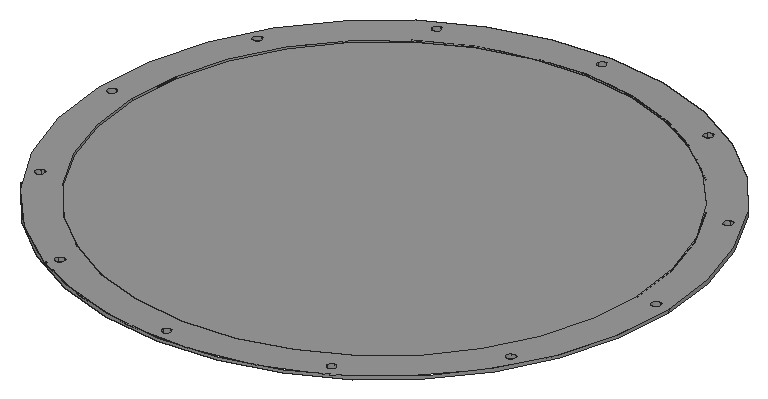
Revit family "SZ-AF", category Арматура воздуховодов, Revit 2021
Family settings
  Размер круглого соединителя = Использовать диаметр
  Тип детали = Присоединяется
  На основе рабочей плоскости = Нет
  Всегда вертикально = Да
  При загрузке вырезать с полостями = Нет
  Общий = Нет
Parameters (values of type "SZ-AF-900")
  Weight = 3.83 kg
  Load Classification = "HVAC"
  Height = 6 mm  # constant formula
  Diameter = D2  # 1015 mm
  Отметка по умолчанию = 0 mm
  Изготовитель = "BLAUBERG"  # constant formula
  n = 16
  URL = ""
  R1 = D1 / 2  # 485 mm
  d = 15 mm
  Maintenance zone material = none
  Grid Material = Mesh, steel, painted RAL 7040
  Dy = 900 mm
  D2 = 1015 mm
  D1 = 970 mm
  Casing Material = Metal, painted, grey, matt RAL 7040
  09_System_Name [instance] = ""
  00_20_Type = "SZ-AF-900"
  00_20_Name = "Protective mesh"  # constant formula
  00_20_Manufacturer = "BLAUBERG"  # constant formula
Types (12, lengths in mm): name | Weight | Diameter | n | R1 | d | Dy | D2 | D1 | 00_20_Type
  (no name) | 3.83 kg | 1015 | 16 | 485 | 15 | 900 | 1015 | 970 | "SZ-AF-900"
  SZ-AF-400 | 1.28 kg | 490 | 12 | 225 | 8 | 400 | 490 | 450 | "SZ-AF-400"
  SZ-AF-450 | 1.45 kg | 540 | 12 | 250 | 8 | 450 | 540 | 500 | "SZ-AF-450"
  SZ-AF-500 | 1.77 kg | 600 | 12 | 280 | 12 | 500 | 600 | 560 | "SZ-AF-500"
  SZ-AF-560 | 2.00 kg | 660 | 12 | 310 | 12 | 560 | 660 | 620 | "SZ-AF-560"
  SZ-AF-630 | 2.28 kg | 730 | 12 | 345 | 12 | 630 | 730 | 690 | "SZ-AF-630"
  SZ-AF-710 | 2.28 kg | 810 | 16 | 385 | 12 | 710 | 810 | 770 | "SZ-AF-710"
  SZ-AF-800 | 2.59 kg | 900 | 16 | 430 | 12 | 800 | 900 | 860 | "SZ-AF-800"
  SZ-AF-900 | 3.83 kg | 1015 | 16 | 485 | 15 | 900 | 1015 | 970 | "SZ-AF-900"
  SZ-AF-1000 | 4.32 kg | 1115 | 16 | 535 | 15 | 1000 | 1115 | 1070 | "SZ-AF-1000"
  SZ-AF-1120 | 6.20 kg | 1270 | 20 | 595 | 15 | 1120 | 1270 | 1190 | "SZ-AF-1120"
  SZ-AF-1250 | 7.03 kg | 1400 | 20 | 660 | 15 | 1250 | 1400 | 1320 | "SZ-AF-1250"
Reference planes
  plane 1 "По центру (Вперед/Назад)": y = 0
  plane 2: z = 0
  plane 3 "По центру (Влево/Вправо)": x = 0
Forms (mm)
  Extrusion 1, solid, material "Metal, painted, grey, matt RAL 7040" <- "Casing Material"
    sketch origin (0, 0, 0) x (1, 0, 0) y (0, 1, 0)
      loop
        circle (0, 0) r 450
      loop
        circle (0, 0) r 507.5
    from 0 to 6
  Extrusion 2, void
    sketch origin (0, 205, 0) x (1, 0, 0) y (0, 1, 0)
      loop
        circle (0, 280) r 7.5
    from 0 to 6
  Extrusion 3, void
    sketch origin (102.5, 177.535, 0) x (0.866025, -0.5, 0) y (0.5, 0.866025, 0)
      loop
        circle (0, 280) r 7.5
    from 0 to 6
  Extrusion 4, void
    sketch origin (-102.5, 177.535, 0) x (0.866025, 0.5, 0) y (-0.5, 0.866025, 0)
      loop
        circle (0, 280) r 7.5
    from 0 to 6
  Extrusion 5, void
    sketch origin (-177.535, 102.5, 0) x (0.5, 0.866025, 0) y (-0.866025, 0.5, 0)
      loop
        circle (0, 280) r 7.5
    from 0 to 6
  Extrusion 6, void
    sketch origin (-205, 0, 0) x (0, 1, 0) y (-1, 0, 0)
      loop
        circle (0, 280) r 7.5
    from 0 to 6
  Extrusion 7, void
    sketch origin (-177.535, -102.5, 0) x (-0.5, 0.866025, 0) y (-0.866025, -0.5, 0)
      loop
        circle (0, 280) r 7.5
    from 0 to 6
  Extrusion 8, void
    sketch origin (-102.5, -177.535, 0) x (-0.866025, 0.5, 0) y (-0.5, -0.866025, 0)
      loop
        circle (0, 280) r 7.5
    from 0 to 6
  Extrusion 9, void
    sketch origin (0, -205, 0) x (-1, 0, 0) y (0, -1, 0)
      loop
        circle (0, 280) r 7.5
    from 0 to 6
  Extrusion 10, void
    sketch origin (102.5, -177.535, 0) x (-0.866025, -0.5, 0) y (0.5, -0.866025, 0)
      loop
        circle (0, 280) r 7.5
    from 0 to 6
  Extrusion 11, void
    sketch origin (177.535, -102.5, 0) x (-0.5, -0.866025, 0) y (0.866025, -0.5, 0)
      loop
        circle (0, 280) r 7.5
    from 0 to 6
  Extrusion 12, void
    sketch origin (205, 0, 0) x (0, -1, 0) y (1, 0, 0)
      loop
        circle (0, 280) r 7.5
    from 0 to 6
  Extrusion 13, void
    sketch origin (177.535, 102.5, 0) x (0.5, -0.866025, 0) y (0.866025, 0.5, 0)
      loop
        circle (0, 280) r 7.5
    from 0 to 6
  Extrusion 14, solid, material "Mesh, steel, painted RAL 7040" <- "Grid Material"
    sketch origin (0, 0, 0) x (1, 0, 0) y (0, 1, 0)
      loop
        circle (0, 0) r 450
    from 2 to 4
Cuts and joins
  Extrusion 2, Extrusion 3, Extrusion 4, Extrusion 5, Extrusion 6, Extrusion 7, Extrusion 8, Extrusion 9, Extrusion 10, Extrusion 11, Extrusion 12, Extrusion 13 cuts Extrusion 1
Dimensions and locks
  "Dy": diameter of Extrusion 1 sketch curve
  "D2": diameter of Extrusion 1 sketch curve
  "d": diameter of Extrusion 2 sketch curve
  "d": diameter of Extrusion 3 sketch curve
  "d": diameter of Extrusion 4 sketch curve
  "d": diameter of Extrusion 5 sketch curve
  "d": diameter of Extrusion 6 sketch curve
  "d": diameter of Extrusion 7 sketch curve
  "d": diameter of Extrusion 8 sketch curve
  "d": diameter of Extrusion 9 sketch curve
  "d": diameter of Extrusion 10 sketch curve
  "d": diameter of Extrusion 11 sketch curve
  "d": diameter of Extrusion 12 sketch curve
  "d": diameter of Extrusion 13 sketch curve
  "R1": radius of radial array
  "Dy": diameter of Extrusion 14 sketch curve
  aligned and locked: level to plane 2
Automatic sketch dimensions
  Extrusion 1 sketch curve to Extrusion 1 sketch curve = 0 mm  (x2)
  plane 1 "По центру (Вперед/Назад)" to Extrusion 1 sketch curve = 0 mm
  Extrusion 1 sketch curve to plane 3 "По центру (Влево/Вправо)" = 0 mm
  plane 1 "По центру (Вперед/Назад)" to Extrusion 14 sketch curve = 0 mm
  Extrusion 14 sketch curve to plane 3 "По центру (Влево/Вправо)" = 0 mm
